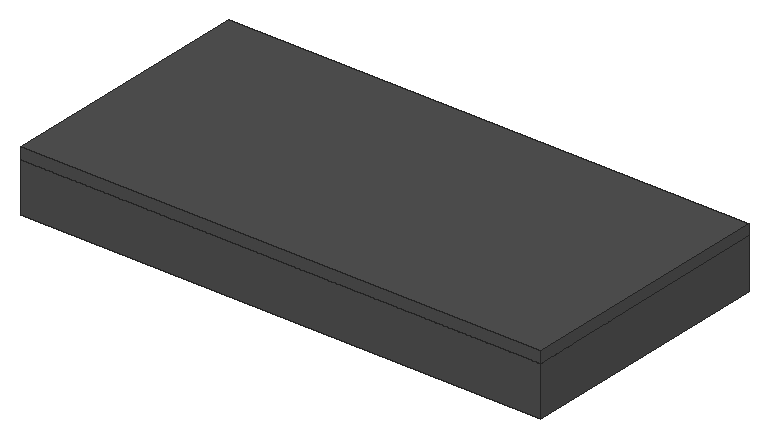
Revit family
Parameters (values of type "0600 x 1200mm(4 램프)")
  Wattage = 160 W
  built-in parameter 1150110 = 1 (stored number, unit not read)
  built-in parameter 1114217 = 1 (stored number, unit not read)
  built-in parameter 1150109 = 1 (stored number, unit not read)
  built-in parameter 1150134 = 8
  built-in parameter 1150113 = 1 (stored number, unit not read)
  built-in parameter 1150115 = 1 (stored number, unit not read)
  built-in parameter 1150105 = 4010.7 (stored number, unit not read)
  Light Source Symbol Size = 609.60 mm
  built-in parameter 1150137 = (empty or 0)
  built-in parameter 1150139 = (empty or 0)
  조명 상자 2 = 금속 - 페인트 마감 - 진회색, 무광
  built-in parameter 1150112 = 1 (stored number, unit not read)
  built-in parameter 1150114 = 1 (stored number, unit not read)
  built-in parameter 1150132 = (empty or 0)
  built-in parameter 1150102 = (empty or 0)
  built-in parameter 1150138 = (empty or 0)
  built-in parameter 1150107 = 4230 (stored number, unit not read)
  built-in parameter 1150106 = 40.107 (stored number, unit not read)
  Emit from Rectangle Width = 폭  # 600.00 mm
  Emit from Rectangle Length = 길이  # 1200.00 mm
  Emit Shape Visible in Rendering = no
  built-in parameter 1150104 = 7.3161 (stored number, unit not read)
  Dimming Lamp Color Temperature Shift = (empty or 0)
  Color Filter = 16777215
  원 폭 = 폭 * 0.6  # 360.00 mm
  디퓨저 = 유리 - 흰색, 높은 휘도
  Lamp = "T-12"
  길이 = 1200.00 mm
  조명 상자 1 = 금속 - 크롬
  Lumens = 12600 lm
  Wattage Comments = "(4)40"
  폭 = 600.00 mm
  built-in parameter 1114218 = 1 (stored number, unit not read)
  built-in parameter 1150133 = 10 (stored number, unit not read)
Types (3, lengths in mm): name | Wattage | built-in parameter 1150105 | built-in parameter 1150106 | Lumens | Wattage Comments
  (no name) | 160 W | 4010.7 (stored number, unit not read) | 40.107 (stored number, unit not read) | 12600 lm | "(4)40"
  0600 x 1200mm(2 램프) | 80 W | 2005.4 (stored number, unit not read) | 20.054 (stored number, unit not read) | 6300 lm | "(2)40"
  0600 x 1200mm(4 램프) | 160 W | 4010.7 (stored number, unit not read) | 40.107 (stored number, unit not read) | 12600 lm | "(4)40"
Reference planes
  plane 1 "광원 축": y = -59.466
  plane 2 "천장": z = 2438.4
  plane 3 "광원 축": x = -18.704
  plane 4 "광원 입면도": z = 2438.4
  plane 5: x = -618.704
  plane 6: x = 581.296
  plane 7: y = 240.534
  plane 8: y = -359.466
  plane 9: x = -406.054
  plane 10: x = -212.379
  plane 11: x = -18.704
  plane 12: x = 174.971
  plane 13: x = 368.646
  plane 14: y = 32.609
  plane 15: y = -151.541
  plane 16: y = 216.759
  plane 17: y = -335.691
  plane 18: x = -599.729
  plane 19: x = 562.321
  plane 20: x = -406.054
  plane 21: x = -212.379
  plane 22: x = -18.704
  plane 23: x = 174.971
  plane 24: x = 368.646
  plane 25: y = 32.609
  plane 26: y = -151.541
  plane 27: y = 216.759
  plane 28: y = -335.691
  plane 29: x = -599.729
  plane 30: x = 562.321
Forms (mm)
  Extrusion 1, solid, material "금속 - 크롬" <- "조명 상자 1"
    sketch origin (0, 0, 2438.4) x (1, 0, 0) y (0, 1, 0)
      loop
        line (-618.704, 240.534) -> (-618.704, -359.466) -> (581.296, -359.466) -> (581.296, 240.534) -> (-618.704, 240.534)
      loop
        line (-593.304, 215.134) -> (-593.304, -334.066) -> (555.896, -334.066) -> (555.896, 215.134) -> (-593.304, 215.134)
    from 0 to 114.3
  Extrusion 2, solid, material "금속 - 크롬" <- "조명 상자 1"
    sketch origin (0, 0, 2438.4) x (1, 0, 0) y (0, 1, 0)
      loop
        line (-618.704, 240.534) -> (-618.704, -359.466) -> (581.296, -359.466) -> (581.296, 240.534) -> (-618.704, 240.534)
    from 114.3 to 139.7
  Extrusion 3, solid, material "유리 - 흰색, 높은 휘도" <- "디퓨저"
    sketch origin (0, 0, 2438.4) x (1, 0, 0) y (0, 1, 0)
      loop
        line (-602.904, 219.934) -> (-602.904, -338.866) -> (565.496, -338.866) -> (565.496, 219.934) -> (-602.904, 219.934)
      loop
        line (-596.554, 35.784) -> (-409.229, 35.784) -> (-409.229, 213.584) -> (-596.554, 213.584) -> (-596.554, 35.784)
      loop
        line (-596.554, -148.366) -> (-409.229, -148.366) -> (-409.229, 29.434) -> (-596.554, 29.434) -> (-596.554, -148.366)
      loop
        line (-596.554, -154.716) -> (-596.554, -332.516) -> (-409.229, -332.516) -> (-409.229, -154.716) -> (-596.554, -154.716)
      loop
        line (-402.879, 35.784) -> (-215.554, 35.784) -> (-215.554, 213.584) -> (-402.879, 213.584) -> (-402.879, 35.784)
      loop
        line (-402.879, -148.366) -> (-215.554, -148.366) -> (-215.554, 29.434) -> (-402.879, 29.434) -> (-402.879, -148.366)
      loop
        line (-402.879, -154.716) -> (-402.879, -332.516) -> (-215.554, -332.516) -> (-215.554, -154.716) -> (-402.879, -154.716)
      loop
        line (-209.204, 35.784) -> (-21.879, 35.784) -> (-21.879, 213.584) -> (-209.204, 213.584) -> (-209.204, 35.784)
      loop
        line (-209.204, -148.366) -> (-21.879, -148.366) -> (-21.879, 29.434) -> (-209.204, 29.434) -> (-209.204, -148.366)
      loop
        line (-209.204, -154.716) -> (-209.204, -332.516) -> (-21.879, -332.516) -> (-21.879, -154.716) -> (-209.204, -154.716)
      loop
        line (-15.529, 35.784) -> (171.796, 35.784) -> (171.796, 213.584) -> (-15.529, 213.584) -> (-15.529, 35.784)
      loop
        line (-15.529, -148.366) -> (171.796, -148.366) -> (171.796, 29.434) -> (-15.529, 29.434) -> (-15.529, -148.366)
      loop
        line (-15.529, -154.716) -> (-15.529, -332.516) -> (171.796, -332.516) -> (171.796, -154.716) -> (-15.529, -154.716)
      loop
        line (178.146, 35.784) -> (365.471, 35.784) -> (365.471, 213.584) -> (178.146, 213.584) -> (178.146, 35.784)
      loop
        line (178.146, -148.366) -> (365.471, -148.366) -> (365.471, 29.434) -> (178.146, 29.434) -> (178.146, -148.366)
      loop
        line (178.146, -154.716) -> (178.146, -332.516) -> (365.471, -332.516) -> (365.471, -154.716) -> (178.146, -154.716)
      loop
        line (371.821, 35.784) -> (559.146, 35.784) -> (559.146, 213.584) -> (371.821, 213.584) -> (371.821, 35.784)
      loop
        line (371.821, -148.366) -> (559.146, -148.366) -> (559.146, 29.434) -> (371.821, 29.434) -> (371.821, -148.366)
      loop
        line (371.821, -154.716) -> (371.821, -332.516) -> (559.146, -332.516) -> (559.146, -154.716) -> (371.821, -154.716)
    from 3.175 to 50.8
  Extrusion 4, solid, material "유리 - 흰색, 높은 휘도" <- "디퓨저"
    sketch origin (0, 0, 2438.4) x (1, 0, 0) y (0, 1, 0)
      loop
        line (-593.304, 215.134) -> (-593.304, -334.066) -> (555.896, -334.066) -> (555.896, 215.134) -> (-593.304, 215.134)
    from 76.2 to 82.55
  Extrusion 5, solid, material "금속 - 페인트 마감 - 진회색, 무광" <- "조명 상자 2"
    sketch origin (0, 0, 2438.4) x (1, 0, 0) y (0, 1, 0)
      loop
        line (-602.904, 219.934) -> (-602.904, -338.866) -> (565.496, -338.866) -> (565.496, 219.934) -> (-602.904, 219.934)
      loop
        line (-596.554, 35.784) -> (-409.229, 35.784) -> (-409.229, 213.584) -> (-596.554, 213.584) -> (-596.554, 35.784)
      loop
        line (-596.554, -148.366) -> (-409.229, -148.366) -> (-409.229, 29.434) -> (-596.554, 29.434) -> (-596.554, -148.366)
      loop
        line (-596.554, -154.716) -> (-596.554, -332.516) -> (-409.229, -332.516) -> (-409.229, -154.716) -> (-596.554, -154.716)
      loop
        line (-402.879, 35.784) -> (-215.554, 35.784) -> (-215.554, 213.584) -> (-402.879, 213.584) -> (-402.879, 35.784)
      loop
        line (-402.879, -148.366) -> (-215.554, -148.366) -> (-215.554, 29.434) -> (-402.879, 29.434) -> (-402.879, -148.366)
      loop
        line (-402.879, -154.716) -> (-402.879, -332.516) -> (-215.554, -332.516) -> (-215.554, -154.716) -> (-402.879, -154.716)
      loop
        line (-209.204, 35.784) -> (-21.879, 35.784) -> (-21.879, 213.584) -> (-209.204, 213.584) -> (-209.204, 35.784)
      loop
        line (-209.204, -148.366) -> (-21.879, -148.366) -> (-21.879, 29.434) -> (-209.204, 29.434) -> (-209.204, -148.366)
      loop
        line (-209.204, -154.716) -> (-209.204, -332.516) -> (-21.879, -332.516) -> (-21.879, -154.716) -> (-209.204, -154.716)
      loop
        line (-15.529, 35.784) -> (171.796, 35.784) -> (171.796, 213.584) -> (-15.529, 213.584) -> (-15.529, 35.784)
      loop
        line (-15.529, -148.366) -> (171.796, -148.366) -> (171.796, 29.434) -> (-15.529, 29.434) -> (-15.529, -148.366)
      loop
        line (-15.529, -154.716) -> (-15.529, -332.516) -> (171.796, -332.516) -> (171.796, -154.716) -> (-15.529, -154.716)
      loop
        line (178.146, 35.784) -> (365.471, 35.784) -> (365.471, 213.584) -> (178.146, 213.584) -> (178.146, 35.784)
      loop
        line (178.146, -148.366) -> (365.471, -148.366) -> (365.471, 29.434) -> (178.146, 29.434) -> (178.146, -148.366)
      loop
        line (178.146, -154.716) -> (178.146, -332.516) -> (365.471, -332.516) -> (365.471, -154.716) -> (178.146, -154.716)
      loop
        line (371.821, 35.784) -> (559.146, 35.784) -> (559.146, 213.584) -> (371.821, 213.584) -> (371.821, 35.784)
      loop
        line (371.821, -148.366) -> (559.146, -148.366) -> (559.146, 29.434) -> (371.821, 29.434) -> (371.821, -148.366)
      loop
        line (371.821, -154.716) -> (371.821, -332.516) -> (559.146, -332.516) -> (559.146, -154.716) -> (371.821, -154.716)
    from 0 to 3.175
Lines and regions (mm)
  Opening 1
    outline origin (0, 0, 2438.4) x (1, 0, 0) y (0, 1, 0)
      loop
        line (-618.704, 240.534) -> (-618.704, -359.466) -> (581.296, -359.466) -> (581.296, 240.534) -> (-618.704, 240.534)
  sketch lines
    curve 1: line (-1542.704, 1464.534, 0) -> (1505.296, 1464.534, 0)
    curve 2: line (-1542.704, 1464.534, 0) -> (-1542.704, -1583.466, 0)
    curve 3: line (-1542.704, -1583.466, 0) -> (1505.296, -1583.466, 0)
    curve 4: line (1505.296, 1464.534, 0) -> (1505.296, -1583.466, 0)
  model lines
    curve 5: arc (161.296, -59.466, 2438.4) -> (-18.704, 120.534, 2438.4) -> (-198.704, -59.466, 2438.4) r 180
    curve 6: arc (-198.704, -59.466, 2438.4) -> (-18.704, -239.466, 2438.4) -> (161.296, -59.466, 2438.4) r 180
    curve 7: line (-593.304, -339.707, 2438.4) -> (-180.488, -138.371, 2438.4)
    curve 8: line (-180.488, 19.439, 2438.4) -> (-593.304, 220.775, 2438.4)
    curve 9: line (555.896, 220.775, 2438.4) -> (143.081, 19.439, 2438.4)
    curve 10: line (143.081, -138.371, 2438.4) -> (555.896, -339.707, 2438.4)
    curve 11: line (-593.304, 220.775, 2438.4) -> (555.896, 220.775, 2438.4)
    curve 12: line (-593.304, -339.707, 2438.4) -> (-593.304, 220.775, 2438.4)
    curve 13: line (555.896, -339.707, 2438.4) -> (-593.304, -339.707, 2438.4)
    curve 14: line (555.896, 220.775, 2438.4) -> (555.896, -339.707, 2438.4)
Dimensions and locks
  equal spacing: curve 2, plane 3 "광원 축", curve 4
  equal spacing: curve 3, plane 1 "광원 축", curve 1
  curve 2 to curve 4 = 3048.00 mm
  curve 3 to curve 1 = 3048.00 mm
  equal spacing: plane 5, plane 3 "광원 축", plane 6
  equal spacing: plane 8, plane 1 "광원 축", plane 7
  "길이": plane 5 to plane 6
  "폭": plane 8 to plane 7
  locked: Extrusion 1 sketch curve to Extrusion 1 sketch curve at 25.4
  equal spacing: plane 16, plane 14, plane 15, plane 17
  "원 폭": curve 6 to curve 6
  equal spacing: plane 27, plane 25, plane 26, plane 28
  aligned and locked: curve 9 to curve 7
  aligned and locked: curve 8 to curve 10
  aligned and locked: plane 3 "광원 축" to imposter light
  aligned and locked: plane 1 "광원 축" to imposter light
  aligned and locked: plane 4 "광원 입면도" to imposter light
  aligned and locked: plane 2 "천장" to imposter light
  aligned and locked: imposter light to plane 4 "광원 입면도"
Automatic sketch dimensions
  Opening 1 sketch curve to plane 5 = 0.00 mm
  Opening 1 sketch curve to plane 6 = 0.00 mm
  Opening 1 sketch curve to plane 8 = 0.00 mm
  Opening 1 sketch curve to plane 7 = 0.00 mm
  Extrusion 1 sketch curve to plane 5 = 0.00 mm
  Extrusion 1 sketch curve to plane 6 = 0.00 mm
  Extrusion 1 sketch curve to plane 8 = 0.00 mm
  Extrusion 1 sketch curve to plane 7 = 0.00 mm
  Extrusion 1 sketch curve to plane 5 = 25.40 mm
  plane 6 to Extrusion 1 sketch curve = 25.40 mm
  Extrusion 1 sketch curve to plane 8 = 25.40 mm
  Extrusion 2 sketch curve to plane 5 = 0.00 mm
  Extrusion 2 sketch curve to plane 6 = 0.00 mm
  Extrusion 2 sketch curve to plane 8 = 0.00 mm
  Extrusion 2 sketch curve to plane 7 = 0.00 mm
  plane 18 to Extrusion 3 sketch curve = 3.175 mm
  Extrusion 3 sketch curve to plane 18 = 3.175 mm  (x3)
  plane 9 to Extrusion 3 sketch curve = 3.175 mm  (x3)
  Extrusion 3 sketch curve to plane 9 = 3.175 mm  (x3)
  plane 10 to Extrusion 3 sketch curve = 3.175 mm  (x3)
  Extrusion 3 sketch curve to plane 10 = 3.175 mm  (x3)
  Extrusion 3 sketch curve to plane 3 "광원 축" = 3.175 mm  (x3)
  plane 3 "광원 축" to Extrusion 3 sketch curve = 3.175 mm  (x3)
  plane 12 to Extrusion 3 sketch curve = 3.175 mm  (x3)
  Extrusion 3 sketch curve to plane 12 = 3.175 mm  (x3)
  plane 13 to Extrusion 3 sketch curve = 3.175 mm  (x3)
  Extrusion 3 sketch curve to plane 13 = 3.175 mm  (x3)
  plane 19 to Extrusion 3 sketch curve = 3.175 mm  (x3)
  Extrusion 3 sketch curve to plane 19 = 3.175 mm
  Extrusion 3 sketch curve to plane 17 = 3.175 mm
  plane 17 to Extrusion 3 sketch curve = 3.175 mm  (x6)
  plane 15 to Extrusion 3 sketch curve = 3.175 mm  (x6)
  Extrusion 3 sketch curve to plane 15 = 3.175 mm  (x6)
  plane 14 to Extrusion 3 sketch curve = 3.175 mm  (x6)
  Extrusion 3 sketch curve to plane 14 = 3.175 mm  (x6)
  Extrusion 3 sketch curve to plane 16 = 3.175 mm  (x6)
  plane 16 to Extrusion 3 sketch curve = 3.175 mm
  Extrusion 4 sketch curve to plane 5 = 25.40 mm
  plane 6 to Extrusion 4 sketch curve = 25.40 mm
  Extrusion 4 sketch curve to plane 8 = 25.40 mm
  plane 7 to Extrusion 4 sketch curve = 25.40 mm
  plane 29 to Extrusion 5 sketch curve = 3.175 mm
  Extrusion 5 sketch curve to plane 29 = 3.175 mm  (x3)
  plane 20 to Extrusion 5 sketch curve = 3.175 mm  (x3)
  Extrusion 5 sketch curve to plane 20 = 3.175 mm  (x3)
  plane 21 to Extrusion 5 sketch curve = 3.175 mm  (x3)
  Extrusion 5 sketch curve to plane 21 = 3.175 mm  (x3)
  plane 23 to Extrusion 5 sketch curve = 3.175 mm  (x3)
  Extrusion 5 sketch curve to plane 23 = 3.175 mm  (x3)
  plane 24 to Extrusion 5 sketch curve = 3.175 mm  (x3)
  Extrusion 5 sketch curve to plane 24 = 3.175 mm  (x3)
  plane 30 to Extrusion 5 sketch curve = 3.175 mm  (x3)
  Extrusion 5 sketch curve to plane 30 = 3.175 mm
  Extrusion 5 sketch curve to plane 28 = 3.175 mm
  plane 28 to Extrusion 5 sketch curve = 3.175 mm  (x6)
  plane 26 to Extrusion 5 sketch curve = 3.175 mm  (x6)
  Extrusion 5 sketch curve to plane 26 = 3.175 mm  (x6)
  plane 25 to Extrusion 5 sketch curve = 3.175 mm  (x6)
  Extrusion 5 sketch curve to plane 25 = 3.175 mm  (x6)
  Extrusion 5 sketch curve to plane 27 = 3.175 mm  (x6)
  plane 27 to Extrusion 5 sketch curve = 3.175 mm
  curve 6 to plane 1 "광원 축" = 0.00 mm
  curve 6 to plane 3 "광원 축" = 0.00 mm
  curve 12 to plane 5 = 25.40 mm
  curve 8 to curve 11 = 0.00 mm
  curve 7 to curve 12 = 0.00 mm
  plane 1 "광원 축" to curve 7 = 78.905 mm
  curve 8 to plane 1 "광원 축" = 78.905 mm
  plane 1 "광원 축" to curve 10 = 78.905 mm
  curve 9 to plane 1 "광원 축" = 78.905 mm
  plane 6 to curve 10 = 25.40 mm
  curve 13 to curve 10 = 0.00 mm  (x2)
  curve 9 to curve 11 = 0.00 mm
  curve 12 to curve 8 = 0.00 mm
